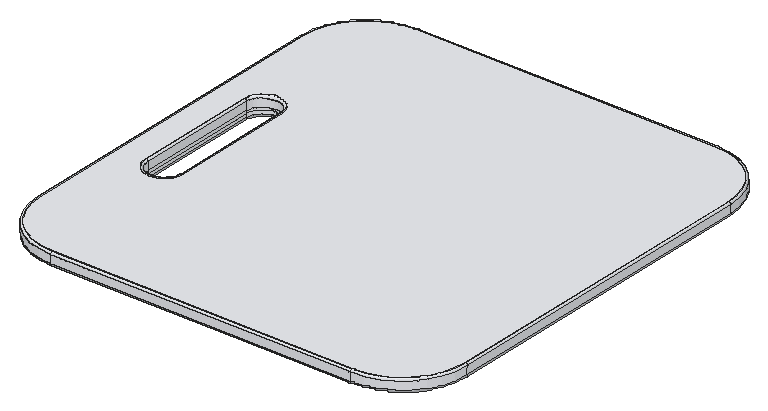
Revit family "COCLAC010 CLASSIC CHOPPING BOARD - FULL SIZE", category Plumbing Fixtures, host Face, Revit 2015
Parameters (values of type "CLASSIC CHOPPING BOARD - FULL SIZE")
  Waste Connection = no
  Vent Connection = no
  URL = "https://www.caroma.com.au/"
  Model = "COCLAC010"
  Material_Base = GWA-Acrylic-White
  Manufacturer = "GWA Bathrooms & Kitchens"  # constant formula
  HW Connection = no
  Description = "CLASSIC CHOPPING BOARD - FULL SIZE"
  Default Elevation = 0 mm
  CreatedBy_ANZRS = "GWA Bathrooms & Kitchens"  # constant formula
  CW Connection = no
  Assembly Code = "E1090300"
Reference planes
  plane 1 "Center (Front/Back)": y = 0
  plane 2: z = 0
  plane 3 "Center (Left/Right)": x = 0
Forms (mm)
  Extrusion 1, solid, material "GWA-Acrylic-White" <- "Material_Base"
    sketch origin (0, 0, 0) x (1, 0, 0) y (0, 1, 0)
      loop
        line (-206, 163) -> (-206, -153)
        arc (-206, -153) -> (-187.841, -196.841) -> (-144, -215) r 62
        line (-144, -215) -> (144, -215)
        arc (144, -215) -> (187.841, -196.841) -> (206, -153) r 62
        line (206, -153) -> (206, 163)
        arc (206, 163) -> (187.841, 206.841) -> (144, 225) r 62
        line (144, 225) -> (-144, 225)
        arc (-144, 225) -> (-187.841, 206.841) -> (-206, 163) r 62
      loop
        arc (-176, -59) -> (-160, -75) -> (-144, -59) r 16
        line (-144, -59) -> (-144, 59)
        arc (-144, 59) -> (-160, 75) -> (-176, 59) r 16
        line (-176, 59) -> (-176, -59)
    from 8 to 16
  Extrusion 2, solid, material "GWA-Acrylic-White" <- "Material_Base"
    sketch origin (0, 0, 0) x (1, 0, 0) y (0, 1, 0)
      loop
        line (-191, 163) -> (-191, -153)
        arc (-191, -153) -> (-177.234, -186.234) -> (-144, -200) r 47
        line (-144, -200) -> (144, -200)
        arc (144, -200) -> (177.234, -186.234) -> (191, -153) r 47
        line (191, -153) -> (191, 163)
        arc (191, 163) -> (177.234, 196.234) -> (144, 210) r 47
        line (144, 210) -> (-144, 210)
        arc (-144, 210) -> (-177.234, 196.234) -> (-191, 163) r 47
      loop
        arc (-176, -59) -> (-160, -75) -> (-144, -59) r 16
        line (-144, -59) -> (-144, 59)
        arc (-144, 59) -> (-160, 75) -> (-176, 59) r 16
        line (-176, 59) -> (-176, -59)
    from 2 to 6
  Sweep 3, solid, material "GWA-Acrylic-White" <- "Material_Base"
    path origin (0, 0, 0) x (1, 0, 0) y (0, 1, 0)
      loop
        line (144, 225) -> (-144, 225)
        arc (-144, 225) -> (-187.841, 206.841) -> (-206, 163) r 62
        line (-206, 163) -> (-206, -153)
        arc (-206, -153) -> (-187.841, -196.841) -> (-144, -215) r 62
        line (-144, -215) -> (144, -215)
        arc (144, -215) -> (187.841, -196.841) -> (206, -153) r 62
        line (206, -153) -> (206, 163)
        arc (206, 163) -> (187.841, 206.841) -> (144, 225) r 62
    profile origin (0, 225, 0) x (0, -1, 0) y (0, 0, 1)
      loop
        line (0, 16) -> (2, 16) -> (2, 18)
        arc (2, 18) -> (0.586, 17.414) -> (0, 16) r 2
      loop
        arc (0, 8) -> (0.586, 6.586) -> (2, 6) r 2
        line (2, 6) -> (2, 8) -> (0, 8)
  Sweep 4, solid, material "GWA-Acrylic-White" <- "Material_Base"
    path origin (0, 0, 0) x (1, 0, 0) y (0, 1, 0)
      loop
        line (144, 210) -> (-144, 210)
        arc (-144, 210) -> (-177.234, 196.234) -> (-191, 163) r 47
        line (-191, 163) -> (-191, -153)
        arc (-191, -153) -> (-177.234, -186.234) -> (-144, -200) r 47
        line (-144, -200) -> (144, -200)
        arc (144, -200) -> (177.234, -186.234) -> (191, -153) r 47
        line (191, -153) -> (191, 163)
        arc (191, 163) -> (177.234, 196.234) -> (144, 210) r 47
    profile origin (0, 210, 0) x (0, -1, 0) y (0, 0, 1)
      loop
        arc (0, 2) -> (0.586, 0.586) -> (2, 0) r 2
        line (2, 0) -> (2, 2) -> (0, 2)
  Sweep 5, solid, material "GWA-Acrylic-White" <- "Material_Base"
    path origin (0, 0, 0) x (1, 0, 0) y (0, 1, 0)
      loop
        arc (-144, 59) -> (-160, 75) -> (-176, 59) r 16
        line (-176, 59) -> (-176, -59)
        arc (-176, -59) -> (-160, -75) -> (-144, -59) r 16
        line (-144, -59) -> (-144, 59)
    profile origin (-144, 0, 0) x (1, 0, 0) y (0, 0, 1)
      loop
        arc (0, 2) -> (0.586, 0.586) -> (2, 0) r 2
        line (2, 0) -> (2, 2) -> (0, 2)
      loop
        line (0, 16) -> (2, 16) -> (2, 18)
        arc (2, 18) -> (0.586, 17.414) -> (0, 16) r 2
  Extrusion 6, solid, material "GWA-Acrylic-White" <- "Material_Base"
    sketch origin (0, 0, 0) x (1, 0, 0) y (0, 1, 0)
      loop
        arc (-204, -153) -> (-186.426, -195.426) -> (-144, -213) r 60
        line (-144, -213) -> (144, -213)
        arc (144, -213) -> (186.426, -195.426) -> (204, -153) r 60
        line (204, -153) -> (204, 163)
        arc (204, 163) -> (186.426, 205.426) -> (144, 223) r 60
        line (144, 223) -> (-144, 223)
        arc (-144, 223) -> (-186.426, 205.426) -> (-204, 163) r 60
        line (-204, 163) -> (-204, -153)
      loop
        line (-178, 59) -> (-178, -59)
        arc (-178, -59) -> (-160, -77) -> (-142, -59) r 18
        line (-142, -59) -> (-142, 59)
        arc (-142, 59) -> (-160, 77) -> (-178, 59) r 18
    from 16 to 18
  Extrusion 7, solid, material "GWA-Acrylic-White" <- "Material_Base"
    sketch origin (0, 0, 0) x (1, 0, 0) y (0, 1, 0)
      loop
        arc (-144, 208) -> (-175.82, 194.82) -> (-189, 163) r 45
        line (-189, 163) -> (-189, -153)
        arc (-189, -153) -> (-175.82, -184.82) -> (-144, -198) r 45
        line (-144, -198) -> (144, -198)
        arc (144, -198) -> (175.82, -184.82) -> (189, -153) r 45
        line (189, -153) -> (189, 163)
        arc (189, 163) -> (175.82, 194.82) -> (144, 208) r 45
        line (144, 208) -> (-144, 208)
      loop
        line (-142, -59) -> (-142, 59)
        arc (-142, 59) -> (-160, 77) -> (-178, 59) r 18
        line (-178, 59) -> (-178, -59)
        arc (-178, -59) -> (-160, -77) -> (-142, -59) r 18
    from 0 to 2
  Extrusion 8, solid, material "GWA-Acrylic-White" <- "Material_Base"
    sketch origin (0, 0, 0) x (1, 0, 0) y (0, 1, 0)
      loop
        arc (-144, 223) -> (-186.426, 205.426) -> (-204, 163) r 60
        line (-204, 163) -> (-204, -153)
        arc (-204, -153) -> (-186.426, -195.426) -> (-144, -213) r 60
        line (-144, -213) -> (144, -213)
        arc (144, -213) -> (186.426, -195.426) -> (204, -153) r 60
        line (204, -153) -> (204, 163)
        arc (204, 163) -> (186.426, 205.426) -> (144, 223) r 60
        line (144, 223) -> (-144, 223)
      loop
        line (-176, 59) -> (-176, -59)
        arc (-176, -59) -> (-160, -75) -> (-144, -59) r 16
        line (-144, -59) -> (-144, 59)
        arc (-144, 59) -> (-160, 75) -> (-176, 59) r 16
    from 6 to 8
Lines and regions (mm)
  Masking region 1
    outline origin (0, 0, 0) x (1, 0, 0) y (0, 1, 0)
      loop
        arc (-144, 225) -> (-187.841, 206.841) -> (-206, 163) r 62
        line (-206, 163) -> (-206, -153)
        arc (-206, -153) -> (-187.841, -196.841) -> (-144, -215) r 62
        line (-144, -215) -> (144, -215)
        arc (144, -215) -> (187.841, -196.841) -> (206, -153) r 62
        line (206, -153) -> (206, 163)
        arc (206, 163) -> (187.841, 206.841) -> (144, 225) r 62
        line (144, 225) -> (-144, 225)
      loop
        line (-144, -59) -> (-144, 59)
        arc (-144, 59) -> (-160, 75) -> (-176, 59) r 16
        line (-176, 59) -> (-176, -59)
        arc (-176, -59) -> (-160, -75) -> (-144, -59) r 16
  Masking region 2
    outline origin (0, 0, 0) x (1, 0, 0) y (0, 0, 1)
      loop
        line (204, 18) -> (-204, 18)
        arc (-204, 18) -> (-205.414, 17.414) -> (-206, 16) r 2
        line (-206, 16) -> (-206, 8)
        arc (-206, 8) -> (-205.414, 6.586) -> (-204, 6) r 2
        line (-204, 6) -> (-191, 6) -> (-191, 2)
        arc (-191, 2) -> (-190.414, 0.586) -> (-189, 0) r 2
        line (-189, 0) -> (189, 0)
        arc (189, 0) -> (190.414, 0.586) -> (191, 2) r 2
        line (191, 2) -> (191, 6) -> (204, 6)
        arc (204, 6) -> (205.414, 6.586) -> (206, 8) r 2
        line (206, 8) -> (206, 16)
        arc (206, 16) -> (205.414, 17.414) -> (204, 18) r 2
  Masking region 3
    outline origin (0, 0, 0) x (0, 1, 0) y (0, 0, 1)
      loop
        arc (-213, 18) -> (-214.414, 17.414) -> (-215, 16) r 2
        line (-215, 16) -> (-215, 8)
        arc (-215, 8) -> (-214.414, 6.586) -> (-213, 6) r 2
        line (-213, 6) -> (-200, 6) -> (-200, 2)
        arc (-200, 2) -> (-199.414, 0.586) -> (-198, 0) r 2
        line (-198, 0) -> (208, 0)
        arc (208, 0) -> (209.414, 0.586) -> (210, 2) r 2
        line (210, 2) -> (210, 6) -> (223, 6)
        arc (223, 6) -> (224.414, 6.586) -> (225, 8) r 2
        line (225, 8) -> (225, 16)
        arc (225, 16) -> (224.414, 17.414) -> (223, 18) r 2
        line (223, 18) -> (-213, 18)
  symbolic lines
    curve 1: line (-191, 0, 6) -> (191, 0, 6)
    curve 2: line (0, 210, 6) -> (0, -200, 6)
Dimensions and locks
  aligned and locked: plane 2 to host face
  aligned and locked: level to host face
